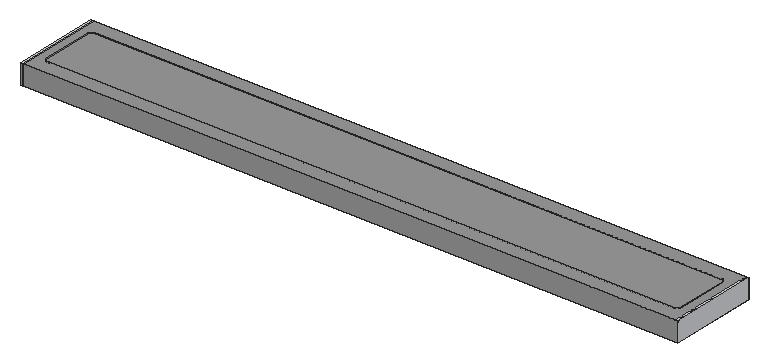
Revit family "2021706", category Lighting Fixtures, host Face, Revit 2018
Family settings
  Host = Face
  Round Connector Dimension = Use Diameter
  Part Type = Normal
  OmniClass Number = 23.80.70.00
  OmniClass Title = Lighting
  Cut with Voids When Loaded = No
  Light Source = Yes
  Shared = No
  Room Calculation Point = No
Parameters (values of type "2021706 OPTIX S 1500 MPO D 4K SSC")
  spacer height = 5 mm
  spacer centres = 1000 mm
  lens width = 1135 mm
  full length = 1500 mm
  Width = 200 mm
  Weight = "n/a"
  Wattage Comments = ""
  Wattage = 9.2903 W
  WarrantyStartDate [instance] = "n/a"
  WarrantyGuarantorParts = "n/a"
  WarrantyDurationUnit = "n/a"
  WarrantyDurationParts = ""
  WarrantyDescription = "http://www.sylvania-lighting.com"
  built-in parameter 1150110 = 1 (stored number, unit not read)
  Voltage = 0 V
  URL = "0.98"
  TypeName = "OPTIX SURFACE 1500 MPO D 4000K SSC"
  Type Image = <None>
  Type Comments = "n/a"
  built-in parameter 1114217 = 1 (stored number, unit not read)
  Tilt Angle = 90.00°
  built-in parameter 1150109 = 1 (stored number, unit not read)
  built-in parameter 1150134 = 3
  built-in parameter 1150113 = 1 (stored number, unit not read)
  SerialNumber [instance] = "n/a"
  Photometric Web File = "2021706.ies"
  Material_3_FEILO = none
  PowerFactor = 0
  PowerConsumption = "Lighting"
  NominalLength = 200 mm
  NominalHeight = 0 mm
  NominalDepth = 0 mm
  Name = "OPTIX SURFACE 1500 MPO D 4000K SSC"
  ModelReference = Name  # "OPTIX SURFACE 1500 MPO D 4000K SSC"
  ModelNumber = "2021706"
  Model = Name  # "OPTIX SURFACE 1500 MPO D 4000K SSC"
  Material = "Feilo Sylvania"
  ManufacturerName = "118 lm/W"
  Manufacturer = ""
  LuminousEfficacy = ""
  built-in parameter 1150105 = 109.82 (stored number, unit not read)
  Lumens = 1380 lm
  LuminaireType = "0"
  built-in parameter 1150115 = 1 (stored number, unit not read)
  LightOutputRatio = "LED"
  built-in parameter 1150137 = (empty or 0)
  built-in parameter 1150139 = (empty or 0)
  Lens Width = 135 mm
  Length = 1188 mm
  LampsType = Lamp  # "n/a"
  LampNominalLuminous = "4000 K"
  LampMacAdamStep = "80"
  LampColourTemperature = "LED"
  LampColourRenderingIndex = "16500"
  built-in parameter 1150112 = 1 (stored number, unit not read)
  built-in parameter 1150114 = 1 (stored number, unit not read)
  Lamp = "n/a"
  Keynote = "n/a"
  InstallationDate [instance] = "n/a"
  InputVoltage = "0"
  InputNominalFrequency = "4000"
  built-in parameter 1150132 = (empty or 0)
  built-in parameter 1150102 = (empty or 0)
  built-in parameter 1150107 = 3200 (stored number, unit not read)
  built-in parameter 1150138 = (empty or 0)
  IngressProtection = "IfcLightFixtureType"
  ImpactProtectionIndex = "IfcLightFixtureType"
  built-in parameter 1150106 = 1.0982 (stored number, unit not read)
  IfcExportType = "IfcLightFixtureType"
  IfcExportAs = "Class I"
  Height = 50 mm
  ExpectedLife = 50000
  Emit from Circle Diameter = 609.6 mm
  Emit Shape Visible in Rendering = no
  ElectricShockClassification = "118"
  built-in parameter 1150104 = 13.8 (stored number, unit not read)
  DurationUnit = "hours"
  DocumentationLiterature = "http://www.sylvania-lighting.com/product/en-int/products/2021706"
  DimmingControlOptions = "n/a"
  Material_2_FEILO = none
  Dimming Lamp Color Temperature Shift = <None>
  Description = "OPTIX SURFACE 1500 MPO D 4000K SSA is a high efficacy low glare surface or suspended LED Linear luminaire with Micro Prismatic diffuser, with direct light distribution, luminaire dimensions: 1500x200x50mm, Sylvania White body colour (RAL9016), IP20, IK07, Sylsmart Connected Building capable, low LED flicker (+/-5%), Neutral White (4000K) LED Colour Temperature, 4350lm luminous flux, 38W power consumption, 118lm/W system efficacy, CRI>80, SDCM 3 (3-step MacAdam ellipse) LED Colour Consistency, UGR<18, Luminance at 65° < 3000 cd/m2, lumen maintenance: L90B50 at 71000h, photobiological safety risk group 1. Electrical protection Class I."
  Default Elevation = 1219.2 mm
  CreatedOn = "31/01/2022"
  CreatedBy = "@sylvania-lighting.com"
  Cost = 0
  Color Filter = 16777215
  built-in parameter 1114216 [instance] = (empty or 0)
  ClassificationValue = "EF_70_80"
  ClassificationName = "Uniclass2015"
  Material_1_FEILO = none
  BarCode [instance] = "n/a"
  built-in parameter 1114218 = 1 (stored number, unit not read)
  built-in parameter 1150133 = 10 (stored number, unit not read)
  AssetType = "Fixed"
  AssetIdentifier [instance] = "n/a"
  Assembly Code = "D5020200"
  Apparent Load = 37 VA
  Material_4_FEILO = none
Reference planes
  plane 1 "Center (Front/Back)": y = 0
  plane 2: z = 0
  plane 3 "Center (Left/Right)": x = 0
  plane 4: z = 0
  plane 5: z = 50
  plane 6: y = 100
  plane 7: y = -100
  plane 8: x = -594
  plane 9: x = 594
  plane 10: z = 5
  plane 11: x = -500
  plane 12: x = 500
  plane 13: y = 10
  plane 14: y = -10
  plane 15: x = 487.5
  plane 16: x = 512.5
  plane 17: x = -512.5
  plane 18: x = -487.5
  plane 19: x = -567.5
  plane 20: x = 567.5
  plane 21: y = 67.5
  plane 22: y = -67.5
  plane 23: x = -557.5
  plane 24: y = 57.5
  plane 25: y = -57.5
  plane 26: x = 557.5
  plane 27: x = -750
  plane 28: x = 750
  plane 29: x = -700.314
  plane 30: x = 723.5
  plane 31: x = -671.814
  plane 32: x = 695
  plane 33: x = -744
  plane 34: x = 744
Forms (mm)
  Extrusion 1, solid, material "Aluminum 1100-H18", detail levels medium+fine
    sketch origin (4.2, 0, 0) x (1, 0, 0) y (0, 1, 0)
      loop
        line (-754.2, 100) -> (-754.2, -100) -> (745.8, -100) -> (745.8, 100) -> (-754.2, 100)
    from 5 to 50
  Extrusion 2, solid
    sketch origin (186.707, 0, 0) x (1, 0, 0) y (0, 1, 0)
      loop
        line (483.3, 10) -> (483.3, -10) -> (508.3, -10) -> (508.3, 10) -> (483.3, 10)
    from 0 to 5
  Extrusion 3, solid
    sketch origin (-155.18, 0, 0) x (1, 0, 0) y (0, 1, 0)
      loop
        line (-516.7, 10) -> (-516.7, -10) -> (-491.7, -10) -> (-491.7, 10) -> (-516.7, 10)
    from 0 to 5
  Extrusion 4, void, detail levels fine
    sketch origin (4.2, 0, 0) x (0, 1, 0) y (1, 0, 0)
      loop
        line (67.5, -717.7) -> (67.5, 709.3)
        arc (67.5, 709.3) -> (64.571, 716.371) -> (57.5, 719.3) r 10
        line (57.5, 719.3) -> (-57.5, 719.3)
        arc (-57.5, 719.3) -> (-64.571, 716.371) -> (-67.5, 709.3) r 10
        line (-67.5, 709.3) -> (-67.5, -717.7)
        arc (-67.5, -717.7) -> (-64.571, -724.771) -> (-57.5, -727.7) r 10
        line (-57.5, -727.7) -> (57.5, -727.7)
        arc (57.5, -727.7) -> (64.571, -724.771) -> (67.5, -717.7) r 10
    from -50 to -48
  Extrusion 5, solid, detail levels medium+fine
    sketch origin (4.2, 0, 0) x (1, 0, 0) y (0, 1, 0)
      loop
        line (-754.2, 100) -> (-754.2, -100) -> (-748.2, -100) -> (-748.2, 100) -> (-754.2, 100)
    from 5 to 50
  Extrusion 6, solid, detail levels medium+fine
    sketch origin (4.2, 0, 0) x (1, 0, 0) y (0, 1, 0)
      loop
        line (739.8, 100) -> (739.8, -100) -> (745.8, -100) -> (745.8, 100) -> (739.8, 100)
    from 5 to 50
  Extrusion 7, solid, material "Glass, White, High Luminance", detail levels fine
    sketch origin (4.2, 0, 0) x (1, 0, 0) y (0, 1, 0)
      loop
        arc (-717.7, 67.5) -> (-724.771, 64.571) -> (-727.7, 57.5) r 10
        line (-727.7, 57.5) -> (-727.7, -57.5)
        arc (-727.7, -57.5) -> (-724.771, -64.571) -> (-717.7, -67.5) r 10
        line (-717.7, -67.5) -> (709.3, -67.5)
        arc (709.3, -67.5) -> (716.371, -64.571) -> (719.3, -57.5) r 10
        line (719.3, -57.5) -> (719.3, 57.5)
        arc (719.3, 57.5) -> (716.371, 64.571) -> (709.3, 67.5) r 10
        line (709.3, 67.5) -> (-717.7, 67.5)
    from 48 to 49.5
  Extrusion 8, solid, detail levels coarse
    sketch origin (4.2, 0, 0) x (1, 0, 0) y (0, 1, 0)
      loop
        line (-754.2, 100) -> (-754.2, -100) -> (745.8, -100) -> (745.8, 100) -> (-754.2, 100)
    from 0 to 50
Cuts and joins
  Extrusion 4 cuts Extrusion 2
  Extrusion 4 cuts Extrusion 3
  Extrusion 4 cuts Extrusion 1
Dimensions and locks
  "Width": plane 6 to plane 7
  equal spacing: plane 6, plane 1 "Center (Front/Back)", plane 7
  "Length": plane 8 to plane 9
  equal spacing: plane 8, plane 3 "Center (Left/Right)", plane 9
  "spacer height": plane 10 to host face
  "Height": plane 5 to level
  "spacer centres": plane 11 to plane 12
  equal spacing: plane 11, plane 3 "Center (Left/Right)", plane 12
  "lens width": plane 19 to plane 20
  equal spacing: plane 19, plane 3 "Center (Left/Right)", plane 20
  "Lens Width": plane 21 to plane 22
  equal spacing: plane 21, plane 1 "Center (Front/Back)", plane 22
  "full length": plane 27 to plane 28
  equal spacing: plane 27, plane 3 "Center (Left/Right)", plane 28
  aligned and locked: plane 2 to host face
  aligned and locked: level to host face
Automatic sketch dimensions
  host sketch curve to host sketch curve = 2438.4 mm  (x2)
  Extrusion 1 sketch curve to plane 7 = 0 mm
  Extrusion 1 sketch curve to plane 8 = 156 mm
  plane 9 to Extrusion 1 sketch curve = 156 mm
  Extrusion 1 sketch curve to plane 6 = 0 mm
  Extrusion 2 sketch curve to plane 14 = 0 mm
  plane 15 to Extrusion 2 sketch curve = 182.507 mm
  plane 16 to Extrusion 2 sketch curve = 182.507 mm
  Extrusion 2 sketch curve to plane 13 = 0 mm
  Extrusion 3 sketch curve to plane 14 = 0 mm
  Extrusion 3 sketch curve to plane 17 = 159.38 mm
  Extrusion 3 sketch curve to plane 18 = 159.38 mm
  Extrusion 3 sketch curve to plane 13 = 0 mm
  Extrusion 4 sketch curve to plane 22 = 0 mm
  Extrusion 4 sketch curve to plane 19 = 156 mm
  Extrusion 4 sketch curve to plane 25 = 0 mm  (x2)
  plane 20 to Extrusion 4 sketch curve = 156 mm
  Extrusion 4 sketch curve to plane 24 = 0 mm  (x2)
  Extrusion 4 sketch curve to plane 23 = 156 mm
  Extrusion 5 sketch curve to plane 7 = 0 mm
  Extrusion 5 sketch curve to plane 27 = 0 mm
  Extrusion 5 sketch curve to plane 8 = 150 mm
  Extrusion 5 sketch curve to plane 6 = 0 mm
  Extrusion 6 sketch curve to plane 7 = 0 mm
  plane 9 to Extrusion 6 sketch curve = 150 mm
  Extrusion 6 sketch curve to plane 28 = 0 mm
  Extrusion 6 sketch curve to plane 6 = 0 mm
  Extrusion 7 sketch curve to plane 23 = 156 mm  (x2)
  Extrusion 7 sketch curve to plane 21 = 0 mm
  Extrusion 7 sketch curve to plane 22 = 0 mm
  plane 26 to Extrusion 7 sketch curve = 156 mm  (x2)
  plane 20 to Extrusion 7 sketch curve = 156 mm
  Extrusion 7 sketch curve to plane 24 = 0 mm
  Extrusion 8 sketch curve to plane 7 = 0 mm
  Extrusion 8 sketch curve to plane 27 = 0 mm
  Extrusion 8 sketch curve to plane 28 = 0 mm
  Extrusion 8 sketch curve to plane 6 = 0 mm
Connectors
  electrical at (0, 0, 0), driven by "Apparent Load", driven by "PowerFactor", driven by "Voltage"
    settings: index 1, voltage 0 V, apparent load 37 VA, apparent load phase1 0 VA, apparent load phase2 0 VA, apparent load phase3 0 VA, power factor 0, load classification "Lighting", number of poles 1, system type 30, power factor state 1, is connector primary yes, connector utility no, sub classification motor no, connector description ""
